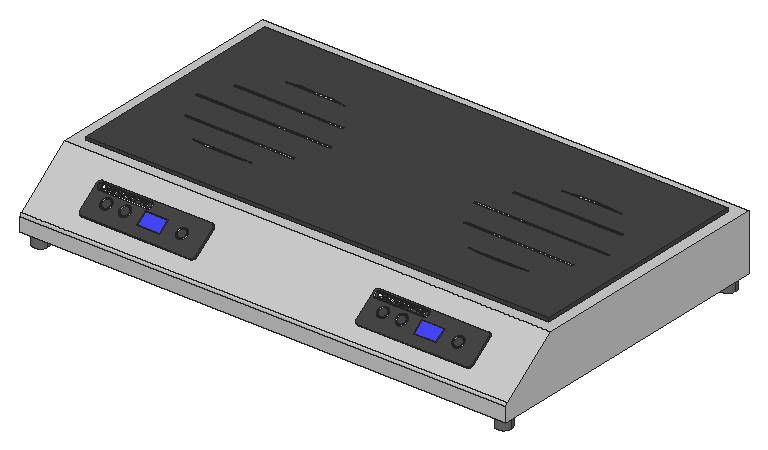
Revit family "QF_ADVENTYS_GL2_5000_S_250902015730", category Specialty Equipment, Revit 2021
Family settings
  Round Connector Dimension = Use Diameter
  Part Type = Normal
  OmniClass Number = 23.40.40.14
  OmniClass Title = Food Service Equipment
  Work Plane-Based = No
  Always vertical = Yes
  Cut with Voids When Loaded = No
  Shared = No
  Room Calculation Point = No
Parameters (values of type "ADV1619")
  Weight in Pounds [instance] = 0
  Weight = 10.00 kg
  Warranty Start Date [instance] = ""
  Warranty Duration [instance] = ""
  Volts [instance] = 230 V
  URL Recommended Spares List = ""
  URL Manufacturer = ""
  URL Cutsheet = ""
  URL Critical Spares List = ""
  URL = "www.adventys.com"
  Tag Number [instance] = ""
  Status [instance] = ""
  Specification by User [instance] = ""
  Specification by Manufacturer [instance] = ""
  Sound Level [instance] = ""
  Solid Fuel Type [instance] = ""
  Service Life Duration [instance] = ""
  Serial Number [instance] = ""
  Seismic Rating [instance] = ""
  SMACNA No [instance] = ""
  Revision Code [instance] = ""
  Revision [instance] = ""
  Production Year [instance] = ""
  Point Load [instance] = 0
  Phase [instance] = 1
  Other Equipment Approvals [instance] = ""
  Number of Poles [instance] = 2
  NAFEM Spec ID Number [instance] = ""
  Model Warning [instance] = ""
  Model = "GL2 5000 S"
  Min Ckt Ampacity [instance] = 0 A
  Max Overcurrent Protection [instance] = 25 A
  Masterspec [instance] = ""
  Manufacturer = "ADVENTYS"
  Length Actual = 650 mm
  Item Number [instance] = ""
  Installed By [instance] = ""
  Installation Date [instance] = ""
  Identify Quantity as Lot [instance] = no
  ID [instance] = ""
  Hygiene Approval [instance] = ""
  Hot Water Consumption = 0.0 L/s
  Height Actual = 96 mm
  HP power [instance] = ""
  Furnished By [instance] = ""
  Foodservice Equipment Identifier [instance] = no
  FL Amps [instance] = 22 A
  Electrical Remarks [instance] = "Plug not included"
  Electric power [instance] = 0 W
  Electric Connection Type [instance] = "Cord&Plug"
  Elec Conn RI Height [instance] = 0 mm
  Elec Conn Connection Height [instance] = 0 mm
  ETL Approved [instance] = no
  Description = "COUNTERTOP INDUCTION 2 ZONES - SIDE BY SIDE"
  Depth Actual = 405 mm
  Default Elevation = 0 mm
  Cycle [instance] = 50 Hz
  Cost = 0
  Conn Plug [instance] = ""
  Conn Conduit [instance] = no
  CSI MasterFormat [instance] = ""
  CE Approved [instance] = no
  Barcode [instance] = 0
  Author [instance] = ""
  Asset Identifier [instance] = ""
  Apparent Power [instance] = 5000 VA
  Accessory = no
Reference planes
  plane 1 "Center (Front/Back)": y = 0
  plane 2: z = 0
  plane 3 "Center (Left/Right)": x = 0
Forms (mm)
  Extrusion 1, solid, not visible
    sketch origin (325.016, -15.001, 16.001) x (1, 0, 0) y (0, 1, 0)
      loop
        line (-2, 2) -> (-2, -2) -> (2, -2) -> (2, 2) -> (-2, 2)
    from -2 to 2
Dimensions and locks
  locked: nested 2 to Extrusion 1 at 2  (x2)
  aligned and locked: level to plane 2
Nested families
  nested 1: "QF_ADVENTYS_ADV1619_2916" at (0, 0, 0), type "ADV1619"
    with Status "", Show Logo yes, Show Clearance yes
  nested 2: "CONN_POINT_ELE_2D___Generic_Annotation" at (325.016, -15.001, 14.001), type "CONN_POINT_ELE_2D___Generic_Annotation"
    with Onboard connection annotation symbol visibility yes
Connectors
  electrical at (325.016, -15.001, 14.001), driven by "Apparent Power", driven by "Number of Poles", driven by "Volts"
    settings: on Extrusion 1, index 1, voltage 230 V, apparent load 0 VA, apparent load phase1 5000 VA, apparent load phase2 0 VA, apparent load phase3 0 VA, power factor 1, load classification "Other", number of poles 2, system type 31, power factor state 1, is connector primary yes, connector utility no, sub classification motor no, connector description "Electrical connection for GL2 5000 S"
Definition of nested family "QF_ADVENTYS_ADV1619_2916"
  Parameters (values of type "ADV1551")
    URL = "www.adventys.com"
    Status [instance] = ""
    Show Logo [instance] = yes
    Show Clearance [instance] = yes
    Model = "GL2 6000 S"
    Manufacturer = "ADVENTYS"
    Description = "COUNTER-TOP 2 ZONES INDUCTION SIDE BY SIDE"
    Default Elevation = 0 mm
    Author = "SPECIFI"
    Assembly Code = "E1090320"
  Types (3, lengths in mm): name | Model | Description
    ADV1619 | "GL2 5000 S" | "COUNTERTOP INDUCTION 2 ZONES - SIDE BY SIDE"
    ADV1551 | "GL2 6000 S" | "COUNTER-TOP 2 ZONES INDUCTION SIDE BY SIDE"
    ADV1754 | "GL2 7000 S" | "COUNTER-TOP 2 ZONES INDUCTION SIDE BY SIDE"
  Reference planes
    plane 1 "Back": y = 0
    plane 2: z = 0
    plane 3 "Left": x = 0
    plane 4 "Right": x = 650
    plane 5 "Front": y = -405
    plane 6 "Top": z = 96
  Forms (mm)
    Extrusion 1, solid
      sketch origin (0, 0, -4.3) x (1, 0, 0) y (0, 1, 0)
        loop
          line (0, 0) -> (0, -330) -> (650, -330) -> (650, 0) -> (0, 0)
        loop
          line (15, -15) -> (15, -315) -> (635, -315) -> (635, -15) -> (15, -15)
      from 20 to 96
    Extrusion 2, solid
      sketch origin (0, -20, -4.3) x (0, 1, 0) y (0, 0, 1)
        loop
          line (-310, 20) -> (-310, 96) -> (-382.957, 42.498)
          arc (-382.957, 42.498) -> (-384.46, 40.726) -> (-385, 38.466) r 5
          line (-385, 38.466) -> (-385, 20) -> (-310, 20)
      from 0 to 650
    Extrusion 3, solid
      sketch origin (0, 0, -86.026) x (1, 0, 0) y (0, 1, 0)
        loop
          line (15, -15) -> (15, -315) -> (635, -315) -> (635, -15) -> (15, -15)
      from 101.726 to 110
    Extrusion 4, solid
      sketch origin (0, 0, 0) x (1, 0, 0) y (0, 1, 0)
        loop
          circle (15, -15) r 10
        loop
          circle (635, -15) r 10
        loop
          circle (635, -390) r 10
        loop
          circle (15, -390) r 10
      from 0 to 15.7
    Extrusion 5, solid
      sketch origin (-4.081, 0, -11.8) x (0, 1, 0) y (0, 0, 1)
        loop
          line (0, 97.125) -> (0, 91.484) -> (5.641, 91.484)
          arc (5.641, 91.484) -> (3.989, 95.473) -> (0, 97.125) r 5.641
        loop
          line (0, 79.125) -> (0, 73.484) -> (5.641, 73.484)
          arc (5.641, 73.484) -> (3.989, 77.473) -> (0, 79.125) r 5.641
        loop
          line (0, 61.125) -> (0, 55.484) -> (5.641, 55.484)
          arc (5.641, 55.484) -> (3.989, 59.473) -> (0, 61.125) r 5.641
        loop
          line (0, 43.125) -> (0, 37.484) -> (5.641, 37.484)
          arc (5.641, 37.484) -> (3.989, 41.473) -> (0, 43.125) r 5.641
      from 140.518 to 177.644
    Extrusion 6, solid
      sketch origin (53.045, 0, -11.8) x (0, 1, 0) y (0, 0, 1)
        loop
          line (0, 97.125) -> (0, 91.484) -> (5.641, 91.484)
          arc (5.641, 91.484) -> (3.989, 95.473) -> (0, 97.125) r 5.641
        loop
          line (0, 79.125) -> (0, 73.484) -> (5.641, 73.484)
          arc (5.641, 73.484) -> (3.989, 77.473) -> (0, 79.125) r 5.641
        loop
          line (0, 61.125) -> (0, 55.484) -> (5.641, 55.484)
          arc (5.641, 55.484) -> (3.989, 59.473) -> (0, 61.125) r 5.641
        loop
          line (0, 43.125) -> (0, 37.484) -> (5.641, 37.484)
          arc (5.641, 37.484) -> (3.989, 41.473) -> (0, 43.125) r 5.641
      from 140.518 to 177.644
    Extrusion 7, solid
      sketch origin (110.172, 0, -11.8) x (0, 1, 0) y (0, 0, 1)
        loop
          line (0, 97.125) -> (0, 91.484) -> (5.641, 91.484)
          arc (5.641, 91.484) -> (3.989, 95.473) -> (0, 97.125) r 5.641
        loop
          line (0, 79.125) -> (0, 73.484) -> (5.641, 73.484)
          arc (5.641, 73.484) -> (3.989, 77.473) -> (0, 79.125) r 5.641
        loop
          line (0, 61.125) -> (0, 55.484) -> (5.641, 55.484)
          arc (5.641, 55.484) -> (3.989, 59.473) -> (0, 61.125) r 5.641
        loop
          line (0, 43.125) -> (0, 37.484) -> (5.641, 37.484)
          arc (5.641, 37.484) -> (3.989, 41.473) -> (0, 43.125) r 5.641
      from 140.518 to 177.644
    Extrusion 8, solid
      sketch origin (256.955, 0, -11.8) x (0, 1, 0) y (0, 0, -1)
        loop
          arc (0, -97.125) -> (3.989, -95.473) -> (5.641, -91.484) r 5.641
          line (5.641, -91.484) -> (0, -91.484) -> (0, -97.125)
        loop
          arc (0, -79.125) -> (3.989, -77.473) -> (5.641, -73.484) r 5.641
          line (5.641, -73.484) -> (0, -73.484) -> (0, -79.125)
        loop
          arc (0, -61.125) -> (3.989, -59.473) -> (5.641, -55.484) r 5.641
          line (5.641, -55.484) -> (0, -55.484) -> (0, -61.125)
        loop
          arc (0, -43.125) -> (3.989, -41.473) -> (5.641, -37.484) r 5.641
          line (5.641, -37.484) -> (0, -37.484) -> (0, -43.125)
      from 140.518 to 177.644
    Extrusion 9, solid
      sketch origin (199.828, 0, -11.8) x (0, 1, 0) y (0, 0, -1)
        loop
          arc (0, -97.125) -> (3.989, -95.473) -> (5.641, -91.484) r 5.641
          line (5.641, -91.484) -> (0, -91.484) -> (0, -97.125)
        loop
          arc (0, -79.125) -> (3.989, -77.473) -> (5.641, -73.484) r 5.641
          line (5.641, -73.484) -> (0, -73.484) -> (0, -79.125)
        loop
          arc (0, -61.125) -> (3.989, -59.473) -> (5.641, -55.484) r 5.641
          line (5.641, -55.484) -> (0, -55.484) -> (0, -61.125)
        loop
          arc (0, -43.125) -> (3.989, -41.473) -> (5.641, -37.484) r 5.641
          line (5.641, -37.484) -> (0, -37.484) -> (0, -43.125)
      from 140.518 to 177.644
    Extrusion 10, solid
      sketch origin (594.081, 0, -11.8) x (0, 1, 0) y (0, 0, -1)
        loop
          arc (0, -97.125) -> (3.989, -95.473) -> (5.641, -91.484) r 5.641
          line (5.641, -91.484) -> (0, -91.484) -> (0, -97.125)
        loop
          arc (0, -79.125) -> (3.989, -77.473) -> (5.641, -73.484) r 5.641
          line (5.641, -73.484) -> (0, -73.484) -> (0, -79.125)
        loop
          arc (0, -61.125) -> (3.989, -59.473) -> (5.641, -55.484) r 5.641
          line (5.641, -55.484) -> (0, -55.484) -> (0, -61.125)
        loop
          arc (0, -43.125) -> (3.989, -41.473) -> (5.641, -37.484) r 5.641
          line (5.641, -37.484) -> (0, -37.484) -> (0, -43.125)
      from 140.518 to 177.644
    Extrusion 11, solid
      sketch origin (536.955, 0, -11.8) x (0, 1, 0) y (0, 0, -1)
        loop
          arc (0, -97.125) -> (3.989, -95.473) -> (5.641, -91.484) r 5.641
          line (5.641, -91.484) -> (0, -91.484) -> (0, -97.125)
        loop
          arc (0, -79.125) -> (3.989, -77.473) -> (5.641, -73.484) r 5.641
          line (5.641, -73.484) -> (0, -73.484) -> (0, -79.125)
        loop
          arc (0, -61.125) -> (3.989, -59.473) -> (5.641, -55.484) r 5.641
          line (5.641, -55.484) -> (0, -55.484) -> (0, -61.125)
        loop
          arc (0, -43.125) -> (3.989, -41.473) -> (5.641, -37.484) r 5.641
          line (5.641, -37.484) -> (0, -37.484) -> (0, -43.125)
      from 140.518 to 177.644
    Extrusion 12, solid
      sketch origin (479.828, 0, -11.8) x (0, 1, 0) y (0, 0, -1)
        loop
          arc (0, -97.125) -> (3.989, -95.473) -> (5.641, -91.484) r 5.641
          line (5.641, -91.484) -> (0, -91.484) -> (0, -97.125)
        loop
          arc (0, -79.125) -> (3.989, -77.473) -> (5.641, -73.484) r 5.641
          line (5.641, -73.484) -> (0, -73.484) -> (0, -79.125)
        loop
          arc (0, -61.125) -> (3.989, -59.473) -> (5.641, -55.484) r 5.641
          line (5.641, -55.484) -> (0, -55.484) -> (0, -61.125)
        loop
          arc (0, -43.125) -> (3.989, -41.473) -> (5.641, -37.484) r 5.641
          line (5.641, -37.484) -> (0, -37.484) -> (0, -43.125)
      from 140.518 to 177.644
    Extrusion 13, solid
      sketch origin (333.045, 0, -11.8) x (0, 1, 0) y (0, 0, 1)
        loop
          line (0, 97.125) -> (0, 91.484) -> (5.641, 91.484)
          arc (5.641, 91.484) -> (3.989, 95.473) -> (0, 97.125) r 5.641
        loop
          line (0, 79.125) -> (0, 73.484) -> (5.641, 73.484)
          arc (5.641, 73.484) -> (3.989, 77.473) -> (0, 79.125) r 5.641
        loop
          line (0, 61.125) -> (0, 55.484) -> (5.641, 55.484)
          arc (5.641, 55.484) -> (3.989, 59.473) -> (0, 61.125) r 5.641
        loop
          line (0, 43.125) -> (0, 37.484) -> (5.641, 37.484)
          arc (5.641, 37.484) -> (3.989, 41.473) -> (0, 43.125) r 5.641
      from 140.518 to 177.644
    Extrusion 14, solid
      sketch origin (390.172, 0, -11.8) x (0, 1, 0) y (0, 0, 1)
        loop
          line (0, 97.125) -> (0, 91.484) -> (5.641, 91.484)
          arc (5.641, 91.484) -> (3.989, 95.473) -> (0, 97.125) r 5.641
        loop
          line (0, 79.125) -> (0, 73.484) -> (5.641, 73.484)
          arc (5.641, 73.484) -> (3.989, 77.473) -> (0, 79.125) r 5.641
        loop
          line (0, 61.125) -> (0, 55.484) -> (5.641, 55.484)
          arc (5.641, 55.484) -> (3.989, 59.473) -> (0, 61.125) r 5.641
        loop
          line (0, 43.125) -> (0, 37.484) -> (5.641, 37.484)
          arc (5.641, 37.484) -> (3.989, 41.473) -> (0, 43.125) r 5.641
      from 140.518 to 177.644
    Extrusion 15, solid
      sketch origin (30, 0, -4.3) x (1, 0, 0) y (0, 1, 0)
        loop
          circle (295, -15) r 10
      from 18.177 to 20
    Extrusion 16, solid
      sketch origin (1268.043, 74.825, -43.3) x (0, -1, 0) y (1, 0, 0)
        loop
          line (89.825, -1253.043) -> (389.825, -1253.043) -> (389.825, -633.043) -> (89.825, -633.043) -> (89.825, -1253.043)
        loop
          line (206.4, -1053.958) -> (206.352, -1198.979) -> (208.634, -1198.98) -> (208.681, -1053.958) -> (206.4, -1053.958)
        loop
          arc (165.457, -1126.248) -> (165.953, -1144.337) -> (168.593, -1162.238) r 152.09
          line (168.593, -1162.238) -> (168.62, -1082.288)
          arc (168.62, -1082.288) -> (165.637, -1104.167) -> (165.457, -1126.248) r 173.592
        loop
          line (246.38, -1038.267) -> (246.321, -1217.804) -> (248.603, -1217.805) -> (248.661, -1038.268) -> (246.38, -1038.267)
        loop
          line (288.654, -1199.006) -> (290.935, -1199.007) -> (290.983, -1053.985) -> (288.701, -1053.985) -> (288.654, -1199.006)
        loop
          line (324.196, -1082.339) -> (324.169, -1162.289)
          arc (324.169, -1162.289) -> (327.152, -1140.41) -> (327.332, -1118.329) r 173.592
          arc (327.332, -1118.329) -> (326.836, -1100.24) -> (324.196, -1082.339) r 152.09
        loop
          line (286.314, -683.932) -> (284.032, -683.935) -> (284.22, -828.956) -> (286.501, -828.953) -> (286.314, -683.932)
        loop
          arc (327.327, -756.183) -> (327.125, -734.102) -> (324.121, -712.226) r 173.592
          line (324.121, -712.226) -> (324.225, -792.176)
          arc (324.225, -792.176) -> (326.848, -774.272) -> (327.327, -756.183) r 152.09
        loop
          line (246.318, -668.28) -> (244.037, -668.283) -> (244.269, -847.82) -> (246.551, -847.817) -> (246.318, -668.28)
        loop
          line (204.2, -829.06) -> (204.012, -684.038) -> (201.731, -684.041) -> (201.918, -829.063) -> (204.2, -829.06)
        loop
          arc (168.546, -712.427) -> (165.922, -730.331) -> (165.444, -748.42) r 152.09
          arc (165.444, -748.42) -> (165.646, -770.501) -> (168.649, -792.377) r 173.592
          line (168.649, -792.377) -> (168.546, -712.427)
      from 135 to 139.3
    Extrusion 17, solid
      sketch origin (1248.05, 16.753, -43.3) x (0, -1, 0) y (1, 0, 0)
        loop
          arc (110.568, -1062.271) -> (107.579, -1084.15) -> (107.391, -1106.23) r 173.592
          arc (107.391, -1106.23) -> (107.881, -1124.319) -> (110.516, -1142.221) r 152.09
          line (110.516, -1142.221) -> (110.568, -1062.271)
        loop
          line (150.639, -1033.955) -> (148.357, -1033.953) -> (148.263, -1178.974) -> (150.544, -1178.976) -> (150.639, -1033.955)
        loop
          line (188.343, -1018.276) -> (188.226, -1197.812) -> (190.507, -1197.814) -> (190.624, -1018.277) -> (188.343, -1018.276)
        loop
          line (232.846, -1179.03) -> (232.94, -1034.008) -> (230.659, -1034.007) -> (230.564, -1179.028) -> (232.846, -1179.03)
        loop
          line (266.144, -1062.373) -> (266.092, -1142.323)
          arc (266.092, -1142.323) -> (269.081, -1120.444) -> (269.269, -1098.363) r 173.592
          arc (269.269, -1098.363) -> (268.779, -1080.275) -> (266.144, -1062.373) r 152.09
      from 135 to 139.3
    Extrusion 18, solid
      sketch origin (321.667, -1279.616, -43.3) x (1, 0, 0) y (0, 1, 0)
        loop
          line (234.048, 1030.256) -> (154.098, 1030.256)
          arc (154.098, 1030.256) -> (171.999, 1027.609) -> (190.087, 1027.107) r 152.09
          arc (190.087, 1027.107) -> (212.168, 1027.281) -> (234.048, 1030.256) r 173.592
        loop
          line (262.391, 1070.308) -> (117.37, 1070.308) -> (117.37, 1068.027) -> (262.391, 1068.027) -> (262.391, 1070.308)
        loop
          line (278.094, 1108.002) -> (278.094, 1110.284) -> (98.558, 1110.284) -> (98.558, 1108.002) -> (278.094, 1108.002)
        loop
          line (117.37, 1152.61) -> (117.37, 1150.329) -> (262.391, 1150.329) -> (262.391, 1152.61) -> (117.37, 1152.61)
        loop
          arc (234.048, 1185.832) -> (216.148, 1188.479) -> (198.06, 1188.981) r 152.09
          arc (198.06, 1188.981) -> (175.979, 1188.807) -> (154.098, 1185.832) r 173.592
          line (154.098, 1185.832) -> (234.048, 1185.832)
      from 135 to 139.3
    Extrusion 19, solid
      sketch origin (447.298, 0, -11.8) x (0, 1, 0) y (0, 0, 1)
        loop
          line (0, 97.125) -> (0, 91.484) -> (5.641, 91.484)
          arc (5.641, 91.484) -> (3.989, 95.473) -> (0, 97.125) r 5.641
        loop
          line (0, 79.125) -> (0, 73.484) -> (5.641, 73.484)
          arc (5.641, 73.484) -> (3.989, 77.473) -> (0, 79.125) r 5.641
        loop
          line (0, 61.125) -> (0, 55.484) -> (5.641, 55.484)
          arc (5.641, 55.484) -> (3.989, 59.473) -> (0, 61.125) r 5.641
        loop
          line (0, 43.125) -> (0, 37.484) -> (5.641, 37.484)
          arc (5.641, 37.484) -> (3.989, 41.473) -> (0, 43.125) r 5.641
      from 140.518 to 177.644
    Extrusion 20, solid
      sketch origin (-29.26, -5.694, 152.194) x (1, 0, 0) y (0, 0.806405, 0.591364)
        loop
          arc (97.5, -323.032) -> (93.964, -324.496) -> (92.5, -328.032) r 5
          line (92.5, -328.032) -> (92.5, -363.032)
          arc (92.5, -363.032) -> (93.964, -366.568) -> (97.5, -368.032) r 5
          line (97.5, -368.032) -> (242.5, -368.032)
          arc (242.5, -368.032) -> (246.036, -366.568) -> (247.5, -363.032) r 5
          line (247.5, -363.032) -> (247.5, -328.032)
          arc (247.5, -328.032) -> (246.036, -324.496) -> (242.5, -323.032) r 5
          line (242.5, -323.032) -> (97.5, -323.032)
        loop
          circle (116.385, -345.532) r 6
        loop
          circle (116.385, -345.532) r 7
        loop
          circle (141.385, -345.532) r 7
        loop
          circle (141.385, -345.532) r 6
        loop
          circle (217.385, -345.532) r 6
        loop
          circle (217.385, -345.532) r 7
        loop
          line (193.667, -337.336) -> (163.667, -337.336) -> (163.667, -354.836) -> (193.667, -354.836) -> (193.667, -337.336)
      from 143 to 145
    Extrusion 21, solid
      sketch origin (-4.26, -5.694, 152.194) x (1, 0, 0) y (0, 0.806405, 0.591364)
        loop
          circle (91.385, -345.532) r 6
        loop
          circle (116.385, -345.532) r 6
        loop
          circle (192.385, -345.532) r 6
        loop
          circle (91.385, -345.532) r 7
        loop
          circle (116.385, -345.532) r 7
        loop
          circle (192.385, -345.532) r 7
      from 143 to 145
    Extrusion 22, solid
      sketch origin (42.012, -5.694, 152.194) x (1, 0, 0) y (0, 0.806405, 0.591364)
        loop
          line (92.395, -337.336) -> (92.395, -354.836) -> (122.395, -354.836) -> (122.395, -337.336) -> (92.395, -337.336)
      from 143 to 145
    Extrusion 23, solid, visible <- "Show Logo"
      sketch origin (-17.489, 89.077, 182.296) x (1, 0, 0) y (0, 0.806405, 0.591364)
        loop
          arc (88.7, -421.254) -> (88.222, -421.452) -> (88.024, -421.93) r 0.676
          line (88.024, -421.93) -> (88.024, -423.602)
          arc (88.024, -423.602) -> (88.232, -424.091) -> (88.729, -424.278) r 0.676
          line (88.729, -424.278) -> (88.729, -423.012)
          arc (88.729, -423.012) -> (89.079, -422.316) -> (89.806, -422.035) r 1.082
          line (89.806, -422.035) -> (92.693, -422.035)
          arc (92.693, -422.035) -> (92.539, -421.491) -> (92.025, -421.254) r 0.676
          line (92.025, -421.254) -> (88.7, -421.254)
        loop
          arc (88.7, -420.848) -> (87.935, -421.165) -> (87.618, -421.93) r 1.082
          line (87.618, -421.93) -> (87.618, -423.602)
          arc (87.618, -423.602) -> (87.945, -424.378) -> (88.729, -424.684) r 1.082
          arc (88.729, -424.684) -> (89.006, -425.518) -> (89.811, -425.871) r 1.082
          arc (89.811, -425.871) -> (90.124, -426.642) -> (90.893, -426.963) r 1.082
          line (90.893, -426.963) -> (93.953, -426.963)
          arc (93.953, -426.963) -> (94.718, -426.646) -> (95.035, -425.881) r 1.082
          line (95.035, -425.881) -> (95.035, -424.315)
          arc (95.035, -424.315) -> (94.714, -423.546) -> (93.942, -423.233) r 1.082
          arc (93.942, -423.233) -> (93.745, -422.485) -> (93.099, -422.06) r 1.082
          arc (93.099, -422.06) -> (92.835, -421.213) -> (92.025, -420.848) r 1.082
          line (92.025, -420.848) -> (88.7, -420.848)
        loop
          arc (93.953, -426.557) -> (94.431, -426.359) -> (94.629, -425.881) r 0.676
          line (94.629, -425.881) -> (94.629, -424.315)
          arc (94.629, -424.315) -> (94.43, -423.835) -> (93.948, -423.638) r 0.676
          line (93.948, -423.638) -> (93.948, -424.789)
          arc (93.948, -424.789) -> (93.631, -425.554) -> (92.866, -425.871) r 1.082
          line (92.866, -425.871) -> (90.216, -425.871)
          arc (90.216, -425.871) -> (90.411, -426.355) -> (90.893, -426.557) r 0.676
          line (90.893, -426.557) -> (93.953, -426.557)
        loop
          arc (95.821, -425.184) -> (95.863, -425.723) -> (96.404, -425.709) r 0.393
          line (96.404, -425.709) -> (97.15, -424.963) -> (100.112, -424.963) -> (100.858, -425.709)
          arc (100.858, -425.709) -> (101.399, -425.723) -> (101.441, -425.184) r 0.393
          line (101.441, -425.184) -> (98.631, -421.714) -> (95.821, -425.184)
        loop
          line (98.631, -423.109) -> (97.68, -424.283) -> (99.582, -424.283) -> (98.631, -423.109)
        loop
          line (102.743, -421.78) -> (102.743, -425.773) -> (106.505, -425.773)
          arc (106.505, -425.773) -> (108.501, -423.776) -> (106.505, -421.78) r 1.997
          line (106.505, -421.78) -> (102.743, -421.78)
        loop
          line (106.505, -422.83) -> (103.793, -422.83) -> (103.793, -424.722) -> (106.505, -424.722)
          arc (106.505, -424.722) -> (107.451, -423.776) -> (106.505, -422.83) r 0.946
        loop
          arc (110.437, -422.011) -> (109.896, -421.997) -> (109.854, -422.536) r 0.393
          line (109.854, -422.536) -> (112.664, -426.006) -> (115.474, -422.536)
          arc (115.474, -422.536) -> (115.432, -421.997) -> (114.891, -422.011) r 0.393
          line (114.891, -422.011) -> (112.664, -424.762) -> (110.437, -422.011)
        loop
          line (122.122, -421.733) -> (116.807, -421.733) -> (116.807, -425.773) -> (122.122, -425.773)
          arc (122.122, -425.773) -> (122.533, -425.362) -> (122.122, -424.952) r 0.41
          line (122.122, -424.952) -> (117.728, -424.952) -> (117.728, -424.143) -> (122.122, -424.143)
          arc (122.122, -424.143) -> (122.494, -423.772) -> (122.122, -423.401) r 0.371
          line (122.122, -423.401) -> (117.728, -423.401) -> (117.728, -422.553) -> (122.122, -422.553)
          arc (122.122, -422.553) -> (122.533, -422.143) -> (122.122, -421.733) r 0.41
        loop
          line (123.768, -422.295) -> (123.768, -425.304)
          arc (123.768, -425.304) -> (124.205, -425.74) -> (124.641, -425.304) r 0.437
          line (124.641, -425.304) -> (124.641, -423.104) -> (128.532, -425.535)
          arc (128.532, -425.535) -> (129.163, -425.551) -> (129.483, -425.008) r 0.622
          line (129.483, -425.008) -> (129.483, -422.216)
          arc (129.483, -422.216) -> (129.023, -421.756) -> (128.563, -422.216) r 0.46
          line (128.563, -422.216) -> (128.563, -424.346) -> (124.57, -421.851)
          arc (124.57, -421.851) -> (124.038, -421.837) -> (123.768, -422.295) r 0.524
        loop
          arc (131.328, -421.811) -> (130.822, -422.316) -> (131.328, -422.822) r 0.506
          line (131.328, -422.822) -> (133.16, -422.822) -> (133.16, -425.108)
          arc (133.16, -425.108) -> (133.647, -425.594) -> (134.133, -425.108) r 0.486
          line (134.133, -425.108) -> (134.133, -422.822) -> (135.879, -422.822)
          arc (135.879, -422.822) -> (136.384, -422.316) -> (135.879, -421.811) r 0.506
          line (135.879, -421.811) -> (131.328, -421.811)
        loop
          line (140.723, -423.158) -> (138.718, -421.806)
          arc (138.718, -421.806) -> (138.039, -421.938) -> (138.171, -422.617) r 0.489
          line (138.171, -422.617) -> (140.176, -423.97) -> (140.176, -425.134)
          arc (140.176, -425.134) -> (140.723, -425.682) -> (141.27, -425.134) r 0.547
          line (141.27, -425.134) -> (141.27, -423.97) -> (143.275, -422.617)
          arc (143.275, -422.617) -> (143.407, -421.938) -> (142.728, -421.806) r 0.489
          line (142.728, -421.806) -> (140.723, -423.158)
        loop
          line (149.966, -421.811) -> (146.176, -421.811)
          arc (146.176, -421.811) -> (145.017, -422.97) -> (146.176, -424.129) r 1.159
          line (146.176, -424.129) -> (149.302, -424.129)
          arc (149.302, -424.129) -> (149.724, -424.551) -> (149.302, -424.973) r 0.422
          line (149.302, -424.973) -> (145.494, -424.973)
          arc (145.494, -424.973) -> (145.145, -425.323) -> (145.494, -425.672) r 0.349
          line (145.494, -425.672) -> (149.676, -425.672)
          arc (149.676, -425.672) -> (150.47, -424.404) -> (149.336, -423.429) r 1.147
          line (149.336, -423.429) -> (146.116, -423.429)
          arc (146.116, -423.429) -> (145.656, -422.969) -> (146.116, -422.509) r 0.46
          line (146.116, -422.509) -> (149.966, -422.509)
          arc (149.966, -422.509) -> (150.315, -422.16) -> (149.966, -421.811) r 0.349
        loop
          arc (87.536, -420.077) -> (83.683, -423.931) -> (87.536, -427.784) r 3.853
          line (87.536, -427.784) -> (151.604, -427.784)
          arc (151.604, -427.784) -> (155.457, -423.931) -> (151.604, -420.077) r 3.853
          line (151.604, -420.077) -> (87.536, -420.077)
        loop
          arc (87.536, -419.677) -> (83.283, -423.931) -> (87.536, -428.184) r 4.253
          line (87.536, -428.184) -> (151.604, -428.184)
          arc (151.604, -428.184) -> (155.857, -423.931) -> (151.604, -419.677) r 4.253
          line (151.604, -419.677) -> (87.536, -419.677)
      from 176.77 to 176.97
    Extrusion 24, solid
      sketch origin (340.74, -5.694, 152.194) x (1, 0, 0) y (0, 0.806405, 0.591364)
        loop
          arc (97.5, -323.032) -> (93.964, -324.496) -> (92.5, -328.032) r 5
          line (92.5, -328.032) -> (92.5, -363.032)
          arc (92.5, -363.032) -> (93.964, -366.568) -> (97.5, -368.032) r 5
          line (97.5, -368.032) -> (242.5, -368.032)
          arc (242.5, -368.032) -> (246.036, -366.568) -> (247.5, -363.032) r 5
          line (247.5, -363.032) -> (247.5, -328.032)
          arc (247.5, -328.032) -> (246.036, -324.496) -> (242.5, -323.032) r 5
          line (242.5, -323.032) -> (97.5, -323.032)
        loop
          circle (116.385, -345.532) r 6
        loop
          circle (116.385, -345.532) r 7
        loop
          circle (141.385, -345.532) r 7
        loop
          circle (141.385, -345.532) r 6
        loop
          circle (217.385, -345.532) r 6
        loop
          circle (217.385, -345.532) r 7
        loop
          line (193.667, -337.336) -> (163.667, -337.336) -> (163.667, -354.836) -> (193.667, -354.836) -> (193.667, -337.336)
      from 143 to 145
    Extrusion 25, solid
      sketch origin (365.74, -5.694, 152.194) x (1, 0, 0) y (0, 0.806405, 0.591364)
        loop
          circle (91.385, -345.532) r 6
        loop
          circle (116.385, -345.532) r 6
        loop
          circle (192.385, -345.532) r 6
        loop
          circle (91.385, -345.532) r 7
        loop
          circle (116.385, -345.532) r 7
        loop
          circle (192.385, -345.532) r 7
      from 143 to 145
    Extrusion 26, solid
      sketch origin (412.012, -5.694, 152.194) x (1, 0, 0) y (0, 0.806405, 0.591364)
        loop
          line (92.395, -337.336) -> (92.395, -354.836) -> (122.395, -354.836) -> (122.395, -337.336) -> (92.395, -337.336)
      from 143 to 145
    Extrusion 27, solid, visible <- "Show Logo"
      sketch origin (352.511, 89.077, 182.296) x (1, 0, 0) y (0, 0.806405, 0.591364)
        loop
          arc (88.7, -421.254) -> (88.222, -421.452) -> (88.024, -421.93) r 0.676
          line (88.024, -421.93) -> (88.024, -423.602)
          arc (88.024, -423.602) -> (88.232, -424.091) -> (88.729, -424.278) r 0.676
          line (88.729, -424.278) -> (88.729, -423.012)
          arc (88.729, -423.012) -> (89.079, -422.316) -> (89.806, -422.035) r 1.082
          line (89.806, -422.035) -> (92.693, -422.035)
          arc (92.693, -422.035) -> (92.539, -421.491) -> (92.025, -421.254) r 0.676
          line (92.025, -421.254) -> (88.7, -421.254)
        loop
          arc (88.7, -420.848) -> (87.935, -421.165) -> (87.618, -421.93) r 1.082
          line (87.618, -421.93) -> (87.618, -423.602)
          arc (87.618, -423.602) -> (87.945, -424.378) -> (88.729, -424.684) r 1.082
          arc (88.729, -424.684) -> (89.006, -425.518) -> (89.811, -425.871) r 1.082
          arc (89.811, -425.871) -> (90.124, -426.642) -> (90.893, -426.963) r 1.082
          line (90.893, -426.963) -> (93.953, -426.963)
          arc (93.953, -426.963) -> (94.718, -426.646) -> (95.035, -425.881) r 1.082
          line (95.035, -425.881) -> (95.035, -424.315)
          arc (95.035, -424.315) -> (94.714, -423.546) -> (93.942, -423.233) r 1.082
          arc (93.942, -423.233) -> (93.745, -422.485) -> (93.099, -422.06) r 1.082
          arc (93.099, -422.06) -> (92.835, -421.213) -> (92.025, -420.848) r 1.082
          line (92.025, -420.848) -> (88.7, -420.848)
        loop
          arc (93.953, -426.557) -> (94.431, -426.359) -> (94.629, -425.881) r 0.676
          line (94.629, -425.881) -> (94.629, -424.315)
          arc (94.629, -424.315) -> (94.43, -423.835) -> (93.948, -423.638) r 0.676
          line (93.948, -423.638) -> (93.948, -424.789)
          arc (93.948, -424.789) -> (93.631, -425.554) -> (92.866, -425.871) r 1.082
          line (92.866, -425.871) -> (90.216, -425.871)
          arc (90.216, -425.871) -> (90.411, -426.355) -> (90.893, -426.557) r 0.676
          line (90.893, -426.557) -> (93.953, -426.557)
        loop
          arc (95.821, -425.184) -> (95.863, -425.723) -> (96.404, -425.709) r 0.393
          line (96.404, -425.709) -> (97.15, -424.963) -> (100.112, -424.963) -> (100.858, -425.709)
          arc (100.858, -425.709) -> (101.399, -425.723) -> (101.441, -425.184) r 0.393
          line (101.441, -425.184) -> (98.631, -421.714) -> (95.821, -425.184)
        loop
          line (98.631, -423.109) -> (97.68, -424.283) -> (99.582, -424.283) -> (98.631, -423.109)
        loop
          line (102.743, -421.78) -> (102.743, -425.773) -> (106.505, -425.773)
          arc (106.505, -425.773) -> (108.501, -423.776) -> (106.505, -421.78) r 1.997
          line (106.505, -421.78) -> (102.743, -421.78)
        loop
          line (106.505, -422.83) -> (103.793, -422.83) -> (103.793, -424.722) -> (106.505, -424.722)
          arc (106.505, -424.722) -> (107.451, -423.776) -> (106.505, -422.83) r 0.946
        loop
          arc (110.437, -422.011) -> (109.896, -421.997) -> (109.854, -422.536) r 0.393
          line (109.854, -422.536) -> (112.664, -426.006) -> (115.474, -422.536)
          arc (115.474, -422.536) -> (115.432, -421.997) -> (114.891, -422.011) r 0.393
          line (114.891, -422.011) -> (112.664, -424.762) -> (110.437, -422.011)
        loop
          line (122.122, -421.733) -> (116.807, -421.733) -> (116.807, -425.773) -> (122.122, -425.773)
          arc (122.122, -425.773) -> (122.533, -425.362) -> (122.122, -424.952) r 0.41
          line (122.122, -424.952) -> (117.728, -424.952) -> (117.728, -424.143) -> (122.122, -424.143)
          arc (122.122, -424.143) -> (122.494, -423.772) -> (122.122, -423.401) r 0.371
          line (122.122, -423.401) -> (117.728, -423.401) -> (117.728, -422.553) -> (122.122, -422.553)
          arc (122.122, -422.553) -> (122.533, -422.143) -> (122.122, -421.733) r 0.41
        loop
          line (123.768, -422.295) -> (123.768, -425.304)
          arc (123.768, -425.304) -> (124.205, -425.74) -> (124.641, -425.304) r 0.437
          line (124.641, -425.304) -> (124.641, -423.104) -> (128.532, -425.535)
          arc (128.532, -425.535) -> (129.163, -425.551) -> (129.483, -425.008) r 0.622
          line (129.483, -425.008) -> (129.483, -422.216)
          arc (129.483, -422.216) -> (129.023, -421.756) -> (128.563, -422.216) r 0.46
          line (128.563, -422.216) -> (128.563, -424.346) -> (124.57, -421.851)
          arc (124.57, -421.851) -> (124.038, -421.837) -> (123.768, -422.295) r 0.524
        loop
          arc (131.328, -421.811) -> (130.822, -422.316) -> (131.328, -422.822) r 0.506
          line (131.328, -422.822) -> (133.16, -422.822) -> (133.16, -425.108)
          arc (133.16, -425.108) -> (133.647, -425.594) -> (134.133, -425.108) r 0.486
          line (134.133, -425.108) -> (134.133, -422.822) -> (135.879, -422.822)
          arc (135.879, -422.822) -> (136.384, -422.316) -> (135.879, -421.811) r 0.506
          line (135.879, -421.811) -> (131.328, -421.811)
        loop
          line (140.723, -423.158) -> (138.718, -421.806)
          arc (138.718, -421.806) -> (138.039, -421.938) -> (138.171, -422.617) r 0.489
          line (138.171, -422.617) -> (140.176, -423.97) -> (140.176, -425.134)
          arc (140.176, -425.134) -> (140.723, -425.682) -> (141.27, -425.134) r 0.547
          line (141.27, -425.134) -> (141.27, -423.97) -> (143.275, -422.617)
          arc (143.275, -422.617) -> (143.407, -421.938) -> (142.728, -421.806) r 0.489
          line (142.728, -421.806) -> (140.723, -423.158)
        loop
          line (149.966, -421.811) -> (146.176, -421.811)
          arc (146.176, -421.811) -> (145.017, -422.97) -> (146.176, -424.129) r 1.159
          line (146.176, -424.129) -> (149.302, -424.129)
          arc (149.302, -424.129) -> (149.724, -424.551) -> (149.302, -424.973) r 0.422
          line (149.302, -424.973) -> (145.494, -424.973)
          arc (145.494, -424.973) -> (145.145, -425.323) -> (145.494, -425.672) r 0.349
          line (145.494, -425.672) -> (149.676, -425.672)
          arc (149.676, -425.672) -> (150.47, -424.404) -> (149.336, -423.429) r 1.147
          line (149.336, -423.429) -> (146.116, -423.429)
          arc (146.116, -423.429) -> (145.656, -422.969) -> (146.116, -422.509) r 0.46
          line (146.116, -422.509) -> (149.966, -422.509)
          arc (149.966, -422.509) -> (150.315, -422.16) -> (149.966, -421.811) r 0.349
        loop
          arc (87.536, -420.077) -> (83.683, -423.931) -> (87.536, -427.784) r 3.853
          line (87.536, -427.784) -> (151.604, -427.784)
          arc (151.604, -427.784) -> (155.457, -423.931) -> (151.604, -420.077) r 3.853
          line (151.604, -420.077) -> (87.536, -420.077)
        loop
          arc (87.536, -419.677) -> (83.283, -423.931) -> (87.536, -428.184) r 4.253
          line (87.536, -428.184) -> (151.604, -428.184)
          arc (151.604, -428.184) -> (155.857, -423.931) -> (151.604, -419.677) r 4.253
          line (151.604, -419.677) -> (87.536, -419.677)
      from 176.77 to 176.97
  Cuts and joins
    joined: Extrusion 1, Extrusion 2
  Lines and regions (mm)
    symbolic lines
      curve 1: line (310, 0, 0) -> (0, 0, 0)
      curve 2: line (0, 0, 0) -> (0, -405, 0)
      curve 3: line (310, -330, 0) -> (0, -330, 0)
      curve 4: line (15, -15, 0) -> (15, -315, 0)
      curve 5: line (635, -15, 0) -> (15, -15, 0)
      curve 6: line (15, -315, 0) -> (635, -315, 0)
      curve 7: line (650, 0, 0) -> (280, 0, 0)
      curve 8: line (650, -405, 0) -> (650, 0, 0)
      curve 9: line (0, -405, 0) -> (650, -405, 0)
      curve 10: line (650, -330, 0) -> (280, -330, 0)
      curve 11: line (635, -315, 0) -> (635, -15, 0)
      curve 12: line (185.729, -249.361, 0) -> (105.779, -249.361, 0)
      curve 13: arc (105.779, -249.361, 0) -> (127.66, -252.336, 0) -> (149.741, -252.51, 0) r 173.592
      curve 14: arc (149.741, -252.51, 0) -> (167.829, -252.008, 0) -> (185.729, -249.361, 0) r 152.09
      curve 15: line (69.051, -216.139, 0) -> (214.072, -216.139, 0)
      curve 16: line (214.072, -213.858, 0) -> (69.051, -213.858, 0)
      curve 17: line (214.072, -216.139, 0) -> (214.072, -213.858, 0)
      curve 18: line (69.051, -213.858, 0) -> (69.051, -216.139, 0)
      curve 19: line (229.775, -171.531, 0) -> (50.239, -171.531, 0)
      curve 20: line (50.239, -171.531, 0) -> (50.239, -173.813, 0)
      curve 21: line (229.775, -173.813, 0) -> (229.775, -171.531, 0)
      curve 22: line (50.239, -173.813, 0) -> (229.775, -173.813, 0)
      curve 23: line (69.051, -133.838, 0) -> (214.072, -133.838, 0)
      curve 24: line (214.072, -133.838, 0) -> (214.072, -131.556, 0)
      curve 25: line (214.072, -131.556, 0) -> (69.051, -131.556, 0)
      curve 26: line (69.051, -131.556, 0) -> (69.051, -133.838, 0)
      curve 27: line (105.779, -93.785, 0) -> (185.729, -93.785, 0)
      curve 28: arc (141.768, -90.637, 0) -> (123.68, -91.139, 0) -> (105.779, -93.785, 0) r 152.09
      curve 29: arc (185.729, -93.785, 0) -> (163.849, -90.81, 0) -> (141.768, -90.637, 0) r 173.592
      curve 30: line (555.715, -93.785, 0) -> (475.765, -93.785, 0)
      curve 31: arc (475.765, -93.785, 0) -> (497.645, -90.81, 0) -> (519.727, -90.637, 0) r 173.592
      curve 32: arc (519.727, -90.637, 0) -> (537.815, -91.139, 0) -> (555.715, -93.785, 0) r 152.09
      curve 33: line (439.037, -127.007, 0) -> (584.058, -127.007, 0)
      curve 34: line (584.058, -129.289, 0) -> (439.037, -129.289, 0)
      curve 35: line (584.058, -127.007, 0) -> (584.058, -129.289, 0)
      curve 36: line (439.037, -129.289, 0) -> (439.037, -127.007, 0)
      curve 37: line (599.761, -171.615, 0) -> (420.225, -171.615, 0)
      curve 38: line (420.225, -171.615, 0) -> (420.225, -169.334, 0)
      curve 39: line (599.761, -169.334, 0) -> (599.761, -171.615, 0)
      curve 40: line (420.225, -169.334, 0) -> (599.761, -169.334, 0)
      curve 41: line (439.037, -209.309, 0) -> (584.058, -209.309, 0)
      curve 42: line (584.058, -209.309, 0) -> (584.058, -211.59, 0)
      curve 43: line (584.058, -211.59, 0) -> (439.037, -211.59, 0)
      curve 44: line (439.037, -211.59, 0) -> (439.037, -209.309, 0)
      curve 45: line (475.765, -249.361, 0) -> (555.715, -249.361, 0)
      curve 46: arc (511.754, -252.51, 0) -> (493.666, -252.008, 0) -> (475.765, -249.361, 0) r 152.09
      curve 47: arc (555.715, -249.361, 0) -> (533.835, -252.336, 0) -> (511.754, -252.51, 0) r 173.592
      curve 48: spline (218.24, -355.968, 0) -> (218.197, -355.442, 0) -> (218.07, -354.925, 0) -> (217.86, -354.425, 0) -> (217.57, -353.952, 0) -> (217.207, -353.514, 0) -> (216.776, -353.117, 0) -> (216.284, -352.769, 0) -> (215.74, -352.476, 0) -> (215.154, -352.243, 0) -> (214.534, -352.074, 0) -> (213.893, -351.971, 0) -> (213.24, -351.936, 0)
      curve 49: line (213.24, -351.936, 0) -> (68.24, -351.936, 0)
      curve 50: line (218.24, -384.192, 0) -> (218.24, -355.968, 0)
      curve 51: spline (213.24, -388.224, 0) -> (213.893, -388.19, 0) -> (214.534, -388.087, 0) -> (215.154, -387.918, 0) -> (215.74, -387.684, 0) -> (216.284, -387.391, 0) -> (216.776, -387.044, 0) -> (217.207, -386.647, 0) -> (217.57, -386.208, 0) -> (217.86, -385.735, 0) -> (218.07, -385.236, 0) -> (218.197, -384.719, 0) -> (218.24, -384.192, 0)
      curve 52: line (68.24, -388.224, 0) -> (213.24, -388.224, 0)
      curve 53: spline (63.24, -384.192, 0) -> (63.283, -384.719, 0) -> (63.411, -385.236, 0) -> (63.621, -385.735, 0) -> (63.91, -386.208, 0) -> (64.273, -386.647, 0) -> (64.705, -387.044, 0) -> (65.196, -387.391, 0) -> (65.74, -387.684, 0) -> (66.327, -387.918, 0) -> (66.946, -388.087, 0) -> (67.588, -388.19, 0) -> (68.24, -388.224, 0)
      curve 54: line (63.24, -355.968, 0) -> (63.24, -384.192, 0)
      curve 55: spline (68.24, -351.936, 0) -> (67.588, -351.971, 0) -> (66.946, -352.074, 0) -> (66.327, -352.243, 0) -> (65.74, -352.476, 0) -> (65.196, -352.769, 0) -> (64.705, -353.117, 0) -> (64.273, -353.514, 0) -> (63.91, -353.952, 0) -> (63.621, -354.425, 0) -> (63.411, -354.925, 0) -> (63.283, -355.442, 0) -> (63.24, -355.968, 0)
      curve 56: spline (195.125, -370.08, 0) -> (194.886, -368.619, 0) -> (194.187, -367.258, 0) -> (193.075, -366.089, 0) -> (191.625, -365.192, 0) -> (189.937, -364.628, 0) -> (188.125, -364.436, 0) -> (186.313, -364.628, 0) -> (184.625, -365.192, 0) -> (183.175, -366.089, 0) -> (182.063, -367.258, 0) -> (181.363, -368.619, 0) -> (181.125, -370.08, 0)
      curve 57: spline (182.125, -370.08, 0) -> (182.329, -368.828, 0) -> (182.929, -367.661, 0) -> (183.882, -366.659, 0) -> (185.125, -365.89, 0) -> (186.572, -365.407, 0) -> (188.125, -365.242, 0) -> (189.678, -365.407, 0) -> (191.125, -365.89, 0) -> (192.367, -366.659, 0) -> (193.321, -367.661, 0) -> (193.92, -368.828, 0) -> (194.125, -370.08, 0)
      curve 58: spline (194.125, -370.08, 0) -> (193.92, -371.333, 0) -> (193.321, -372.5, 0) -> (192.367, -373.502, 0) -> (191.125, -374.271, 0) -> (189.678, -374.754, 0) -> (188.125, -374.919, 0) -> (186.572, -374.754, 0) -> (185.125, -374.271, 0) -> (183.882, -373.502, 0) -> (182.929, -372.5, 0) -> (182.329, -371.333, 0) -> (182.125, -370.08, 0)
      curve 59: spline (181.125, -370.08, 0) -> (181.363, -371.541, 0) -> (182.063, -372.903, 0) -> (183.175, -374.072, 0) -> (184.625, -374.969, 0) -> (186.313, -375.533, 0) -> (188.125, -375.725, 0) -> (189.937, -375.533, 0) -> (191.625, -374.969, 0) -> (193.075, -374.072, 0) -> (194.187, -372.903, 0) -> (194.886, -371.541, 0) -> (195.125, -370.08, 0)
      curve 60: line (164.407, -363.471, 0) -> (134.407, -363.471, 0)
      curve 61: line (134.407, -363.471, 0) -> (134.407, -377.583, 0)
      curve 62: line (134.407, -377.583, 0) -> (164.407, -377.583, 0)
      curve 63: line (164.407, -377.583, 0) -> (164.407, -363.471, 0)
      curve 64: spline (119.125, -370.08, 0) -> (118.886, -368.619, 0) -> (118.187, -367.258, 0) -> (117.075, -366.089, 0) -> (115.625, -365.192, 0) -> (113.937, -364.628, 0) -> (112.125, -364.436, 0) -> (110.313, -364.628, 0) -> (108.625, -365.192, 0) -> (107.175, -366.089, 0) -> (106.063, -367.258, 0) -> (105.363, -368.619, 0) -> (105.125, -370.08, 0)
      curve 65: spline (105.125, -370.08, 0) -> (105.363, -371.541, 0) -> (106.063, -372.903, 0) -> (107.175, -374.072, 0) -> (108.625, -374.969, 0) -> (110.313, -375.533, 0) -> (112.125, -375.725, 0) -> (113.937, -375.533, 0) -> (115.625, -374.969, 0) -> (117.075, -374.072, 0) -> (118.187, -372.903, 0) -> (118.886, -371.541, 0) -> (119.125, -370.08, 0)
      curve 66: spline (118.125, -370.08, 0) -> (117.92, -368.828, 0) -> (117.321, -367.661, 0) -> (116.367, -366.659, 0) -> (115.125, -365.89, 0) -> (113.678, -365.407, 0) -> (112.125, -365.242, 0) -> (110.572, -365.407, 0) -> (109.125, -365.89, 0) -> (107.882, -366.659, 0) -> (106.929, -367.661, 0) -> (106.329, -368.828, 0) -> (106.125, -370.08, 0)
      curve 67: spline (118.125, -370.08, 0) -> (117.92, -371.333, 0) -> (117.321, -372.5, 0) -> (116.367, -373.502, 0) -> (115.125, -374.271, 0) -> (113.678, -374.754, 0) -> (112.125, -374.919, 0) -> (110.572, -374.754, 0) -> (109.125, -374.271, 0) -> (107.882, -373.502, 0) -> (106.929, -372.5, 0) -> (106.329, -371.333, 0) -> (106.125, -370.08, 0)
      curve 68: spline (93.125, -370.08, 0) -> (92.92, -368.828, 0) -> (92.321, -367.661, 0) -> (91.367, -366.659, 0) -> (90.125, -365.89, 0) -> (88.678, -365.407, 0) -> (87.125, -365.242, 0) -> (85.572, -365.407, 0) -> (84.125, -365.89, 0) -> (82.882, -366.659, 0) -> (81.929, -367.661, 0) -> (81.329, -368.828, 0) -> (81.125, -370.08, 0)
      curve 69: spline (93.125, -370.08, 0) -> (92.92, -371.333, 0) -> (92.321, -372.5, 0) -> (91.367, -373.502, 0) -> (90.125, -374.271, 0) -> (88.678, -374.754, 0) -> (87.125, -374.919, 0) -> (85.572, -374.754, 0) -> (84.125, -374.271, 0) -> (82.882, -373.502, 0) -> (81.929, -372.5, 0) -> (81.329, -371.333, 0) -> (81.125, -370.08, 0)
      curve 70: spline (80.125, -370.08, 0) -> (80.363, -371.541, 0) -> (81.063, -372.903, 0) -> (82.175, -374.072, 0) -> (83.625, -374.969, 0) -> (85.313, -375.533, 0) -> (87.125, -375.725, 0) -> (88.937, -375.533, 0) -> (90.625, -374.969, 0) -> (92.075, -374.072, 0) -> (93.187, -372.903, 0) -> (93.886, -371.541, 0) -> (94.125, -370.08, 0)
      curve 71: spline (94.125, -370.08, 0) -> (93.886, -368.619, 0) -> (93.187, -367.258, 0) -> (92.075, -366.089, 0) -> (90.625, -365.192, 0) -> (88.937, -364.628, 0) -> (87.125, -364.436, 0) -> (85.313, -364.628, 0) -> (83.625, -365.192, 0) -> (82.175, -366.089, 0) -> (81.063, -367.258, 0) -> (80.363, -368.619, 0) -> (80.125, -370.08, 0)
      curve 72: spline (588.24, -355.968, 0) -> (588.197, -355.442, 0) -> (588.07, -354.925, 0) -> (587.86, -354.425, 0) -> (587.57, -353.952, 0) -> (587.207, -353.514, 0) -> (586.776, -353.117, 0) -> (586.284, -352.769, 0) -> (585.74, -352.476, 0) -> (585.154, -352.243, 0) -> (584.534, -352.074, 0) -> (583.893, -351.971, 0) -> (583.24, -351.936, 0)
      curve 73: line (583.24, -351.936, 0) -> (438.24, -351.936, 0)
      curve 74: line (588.24, -384.192, 0) -> (588.24, -355.968, 0)
      curve 75: spline (583.24, -388.224, 0) -> (583.893, -388.19, 0) -> (584.534, -388.087, 0) -> (585.154, -387.918, 0) -> (585.74, -387.684, 0) -> (586.284, -387.391, 0) -> (586.776, -387.044, 0) -> (587.207, -386.647, 0) -> (587.57, -386.208, 0) -> (587.86, -385.735, 0) -> (588.07, -385.236, 0) -> (588.197, -384.719, 0) -> (588.24, -384.192, 0)
      curve 76: line (438.24, -388.224, 0) -> (583.24, -388.224, 0)
      curve 77: spline (433.24, -384.192, 0) -> (433.283, -384.719, 0) -> (433.411, -385.236, 0) -> (433.621, -385.735, 0) -> (433.91, -386.208, 0) -> (434.273, -386.647, 0) -> (434.705, -387.044, 0) -> (435.196, -387.391, 0) -> (435.74, -387.684, 0) -> (436.327, -387.918, 0) -> (436.946, -388.087, 0) -> (437.588, -388.19, 0) -> (438.24, -388.224, 0)
      curve 78: line (433.24, -355.968, 0) -> (433.24, -384.192, 0)
      curve 79: spline (438.24, -351.936, 0) -> (437.588, -351.971, 0) -> (436.946, -352.074, 0) -> (436.327, -352.243, 0) -> (435.74, -352.476, 0) -> (435.196, -352.769, 0) -> (434.705, -353.117, 0) -> (434.273, -353.514, 0) -> (433.91, -353.952, 0) -> (433.621, -354.425, 0) -> (433.411, -354.925, 0) -> (433.283, -355.442, 0) -> (433.24, -355.968, 0)
      curve 80: spline (565.125, -370.08, 0) -> (564.886, -368.619, 0) -> (564.187, -367.258, 0) -> (563.075, -366.089, 0) -> (561.625, -365.192, 0) -> (559.937, -364.628, 0) -> (558.125, -364.436, 0) -> (556.313, -364.628, 0) -> (554.625, -365.192, 0) -> (553.175, -366.089, 0) -> (552.063, -367.258, 0) -> (551.363, -368.619, 0) -> (551.125, -370.08, 0)
      curve 81: spline (552.125, -370.08, 0) -> (552.329, -368.828, 0) -> (552.929, -367.661, 0) -> (553.882, -366.659, 0) -> (555.125, -365.89, 0) -> (556.572, -365.407, 0) -> (558.125, -365.242, 0) -> (559.678, -365.407, 0) -> (561.125, -365.89, 0) -> (562.367, -366.659, 0) -> (563.321, -367.661, 0) -> (563.92, -368.828, 0) -> (564.125, -370.08, 0)
      curve 82: spline (564.125, -370.08, 0) -> (563.92, -371.333, 0) -> (563.321, -372.5, 0) -> (562.367, -373.502, 0) -> (561.125, -374.271, 0) -> (559.678, -374.754, 0) -> (558.125, -374.919, 0) -> (556.572, -374.754, 0) -> (555.125, -374.271, 0) -> (553.882, -373.502, 0) -> (552.929, -372.5, 0) -> (552.329, -371.333, 0) -> (552.125, -370.08, 0)
      curve 83: spline (551.125, -370.08, 0) -> (551.363, -371.541, 0) -> (552.063, -372.903, 0) -> (553.175, -374.072, 0) -> (554.625, -374.969, 0) -> (556.313, -375.533, 0) -> (558.125, -375.725, 0) -> (559.937, -375.533, 0) -> (561.625, -374.969, 0) -> (563.075, -374.072, 0) -> (564.187, -372.903, 0) -> (564.886, -371.541, 0) -> (565.125, -370.08, 0)
      curve 84: line (534.407, -363.471, 0) -> (504.407, -363.471, 0)
      curve 85: line (504.407, -363.471, 0) -> (504.407, -377.583, 0)
      curve 86: line (504.407, -377.583, 0) -> (534.407, -377.583, 0)
      curve 87: line (534.407, -377.583, 0) -> (534.407, -363.471, 0)
      curve 88: spline (489.125, -370.08, 0) -> (488.886, -368.619, 0) -> (488.187, -367.258, 0) -> (487.075, -366.089, 0) -> (485.625, -365.192, 0) -> (483.937, -364.628, 0) -> (482.125, -364.436, 0) -> (480.313, -364.628, 0) -> (478.625, -365.192, 0) -> (477.175, -366.089, 0) -> (476.063, -367.258, 0) -> (475.363, -368.619, 0) -> (475.125, -370.08, 0)
      curve 89: spline (475.125, -370.08, 0) -> (475.363, -371.541, 0) -> (476.063, -372.903, 0) -> (477.175, -374.072, 0) -> (478.625, -374.969, 0) -> (480.313, -375.533, 0) -> (482.125, -375.725, 0) -> (483.937, -375.533, 0) -> (485.625, -374.969, 0) -> (487.075, -374.072, 0) -> (488.187, -372.903, 0) -> (488.886, -371.541, 0) -> (489.125, -370.08, 0)
      curve 90: spline (488.125, -370.08, 0) -> (487.92, -368.828, 0) -> (487.321, -367.661, 0) -> (486.367, -366.659, 0) -> (485.125, -365.89, 0) -> (483.678, -365.407, 0) -> (482.125, -365.242, 0) -> (480.572, -365.407, 0) -> (479.125, -365.89, 0) -> (477.882, -366.659, 0) -> (476.929, -367.661, 0) -> (476.329, -368.828, 0) -> (476.125, -370.08, 0)
      curve 91: spline (488.125, -370.08, 0) -> (487.92, -371.333, 0) -> (487.321, -372.5, 0) -> (486.367, -373.502, 0) -> (485.125, -374.271, 0) -> (483.678, -374.754, 0) -> (482.125, -374.919, 0) -> (480.572, -374.754, 0) -> (479.125, -374.271, 0) -> (477.882, -373.502, 0) -> (476.929, -372.5, 0) -> (476.329, -371.333, 0) -> (476.125, -370.08, 0)
      curve 92: spline (463.125, -370.08, 0) -> (462.92, -368.828, 0) -> (462.321, -367.661, 0) -> (461.367, -366.659, 0) -> (460.125, -365.89, 0) -> (458.678, -365.407, 0) -> (457.125, -365.242, 0) -> (455.572, -365.407, 0) -> (454.125, -365.89, 0) -> (452.882, -366.659, 0) -> (451.929, -367.661, 0) -> (451.329, -368.828, 0) -> (451.125, -370.08, 0)
      curve 93: spline (463.125, -370.08, 0) -> (462.92, -371.333, 0) -> (462.321, -372.5, 0) -> (461.367, -373.502, 0) -> (460.125, -374.271, 0) -> (458.678, -374.754, 0) -> (457.125, -374.919, 0) -> (455.572, -374.754, 0) -> (454.125, -374.271, 0) -> (452.882, -373.502, 0) -> (451.929, -372.5, 0) -> (451.329, -371.333, 0) -> (451.125, -370.08, 0)
      curve 94: spline (450.125, -370.08, 0) -> (450.363, -371.541, 0) -> (451.063, -372.903, 0) -> (452.175, -374.072, 0) -> (453.625, -374.969, 0) -> (455.313, -375.533, 0) -> (457.125, -375.725, 0) -> (458.937, -375.533, 0) -> (460.625, -374.969, 0) -> (462.075, -374.072, 0) -> (463.187, -372.903, 0) -> (463.886, -371.541, 0) -> (464.125, -370.08, 0)
      curve 95: spline (464.125, -370.08, 0) -> (463.886, -368.619, 0) -> (463.187, -367.258, 0) -> (462.075, -366.089, 0) -> (460.625, -365.192, 0) -> (458.937, -364.628, 0) -> (457.125, -364.436, 0) -> (455.313, -364.628, 0) -> (453.625, -365.192, 0) -> (452.175, -366.089, 0) -> (451.063, -367.258, 0) -> (450.363, -368.619, 0) -> (450.125, -370.08, 0)
  Dimensions and locks
    plane 6 "Top" to level = 96 mm  (x2)
    plane 5 "Front" to plane 1 "Back" = 405 mm
    plane 3 "Left" to plane 4 "Right" = 650 mm
    aligned and locked: level to plane 2
Definition of nested family "CONN_POINT_ELE_2D___Generic_Annotation"
  Parameters (values of type "CONN_POINT_ELE_2D___Generic_Annotation")
    Onboard connection annotation symbol visibility [instance] = yes
  Reference planes
    plane 1: y = 0
    plane 2: x = 0
  Lines and regions (mm)
    detail lines, visible <- "Onboard connection annotation symbol visibility"
      curve 1: circle (0, 0, 0) r 0.5 normal (0, 0, 1)
      curve 2: line (-1, 0, 0) -> (1, 0, 0)
      curve 3: line (0, 1, 0) -> (0, -1, 0)
      curve 4: line (2.5, 1, 0) -> (1.25, 1, 0)
      curve 5: line (1.25, 1, 0) -> (1.25, -1, 0)
      curve 6: line (1.25, -1, 0) -> (2.5, -1, 0)
      curve 7: line (1.25, 0, 0) -> (2, 0, 0)
